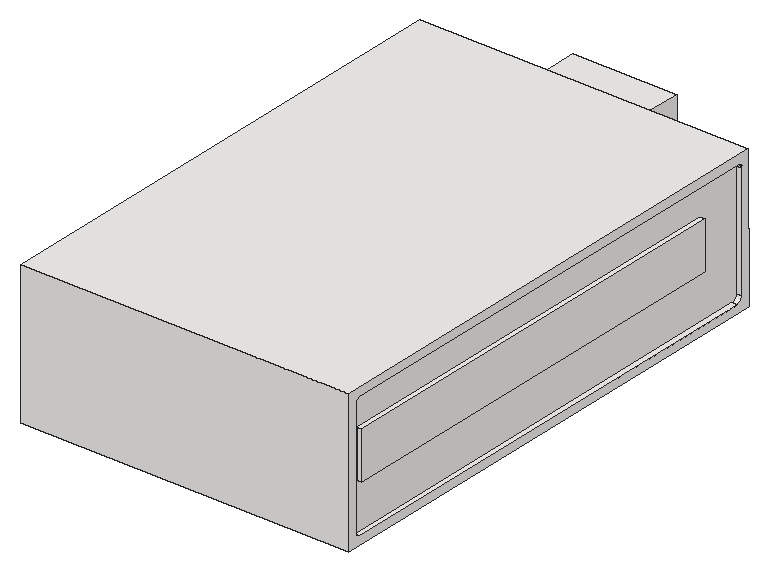
Revit family "Control_Unit-Lutron-Power_Over_Ethernet-Q-POE-8", category Lighting Devices, host Face, Revit 2018
Family settings
  Host = Face
  Maintain Annotation Orientation = Yes
  Round Connector Dimension = Use Radius
  Part Type = Normal
  OmniClass Number = 23.85.80.11
  OmniClass Title = Building Controls
  Cut with Voids When Loaded = Yes
  Shared = No
  Room Calculation Point = No
Parameters (values of type "Q-POE-8")
  Warranty URL = "http://www.lutron.com/en-US/Service-Support/Pages/Service/Warranty/Warranty.aspx"
  Voltage = 24 V
  Void Inset = 0' - 0 3/32"  # constant formula
  Void Depth = 0' - 0 1/16"  # constant formula
  Video Link = "https://www.youtube.com/user/LutronElectronicsInc"
  Version = "2018 - v1.0a"  # constant formula
  Type Comments = ""
  Support Phone = "(224) 699-9545"  # constant formula
  Support Email = "mailto: support@anguleris.com"
  Product Page URL = "https://www.lutron.com/en-US/products/pages/wholebuildingsystems/athena/overview.aspx"
  Product Name = "Power Over Ethernet Switch"
  Product Documentation Link = "https://www.lutron.com/TechnicalDocumentLibrary/3691204.pdf"
  Ports Top Edge = 0' - 0 7/16"  # constant formula
  Ports Length = 0' - 4 7/8"  # constant formula
  Ports Left Edge = 0' - 0 3/16"  # constant formula
  Ports Bottom Edge = 0' - 0 5/8"  # constant formula
  Plug Top Edge = 0' - 0 3/32"  # constant formula
  Plug Right Edge = 0' - 1 7/32"  # constant formula
  Plug Left Edge = 0' - 1 87/256"  # constant formula
  Plug Height = 0' - 0 1/2"  # constant formula
  Plug Bottom Edge = 0' - 0 15/16"  # constant formula
  Performance URL = "http://www.lutron.com/en-US/Service-Support/Pages/Technical/PerfomanceSpecs.aspx?syst=Whole+Home+Systems&prodn=HomeWorks"
  Overall Width = 0' - 3 189/256"  # constant formula
  Overall Height = 0' - 6 23/128"  # constant formula
  Operating Voltage = "Input: 24 V- | Ethernet output: 48 V to 57 V-, 60 W total, 30 W max per output"
  URL = "http://www.lutron.com"
  Series = "Athena"
  Overall Depth = 0' - 1 39/64"  # constant formula
  Number of Poles = 1
  Model = "Q-POE-8"
  Minimum Operating Temperature = 32 °F
  Maximum Operating Temperature = 104 °F
  Material = ""
  Manufacturer Phone Number = "610-282-3800"  # constant formula
  Manufacturer Fax Number = "610-282-1243"  # constant formula
  Manufacturer Email = "mailto:support@lutron.com"
  Manufacturer Address = "7200 Suter Rd, Coopersburg, PA 18036"  # constant formula
  Manufacturer = "Lutron Electronics Co., Inc"  # constant formula
  Load Classification = Other
  Keynote = ""
  Instruction Sheet Link = "https://www.lutron.com/TechnicalDocumentLibrary/041812.pdf"
  Finish = Plastic - Lutron - White - Matte
  Description = "8 Port Power Over Ethernet Switch"
  Default Elevation = 4' - 0"
  Current = 0 A
  Cost Info = "mailto:sales@lutron.com"
  Cost = 0
  Copyright = "© 2020 Lutron Electronics Co., Inc."  # constant formula
  Assembly Code = "D5020200"
  Apparent Power = Voltage * Current  # 0 VA
Reference planes (in)
  plane 1 "Center (Front/Back)": y = 0
  plane 2: z = 0
  plane 3 "Center (Left/Right)": x = 0
  plane 4: x = -1.86914
  plane 5: x = 1.86914
  plane 6: y = 3.08984
  plane 7: y = -3.08984
  plane 8: z = 1.60937
  plane 9: x = -0.5293
  plane 10: x = 0.65039
  plane 11: y = 2.58984
  plane 12: z = 1.51562
  plane 13: z = 0.9375
  plane 14: y = -2.99609
  plane 15: y = 2.49609
  plane 16: z = 0.09375
  plane 17: x = 1.80664
  plane 18: y = -2.90234
  plane 19: z = 0.625
  plane 20: z = 1.17187
  plane 21: y = 1.97266
Forms (in)
  Extrusion 1, solid, material "Plastic - Lutron - White - Matte" <- "Finish"
    sketch origin (0, 0, 0) x (1, 0, 0) y (0, 1, 0)
      loop
        line (-1.86914, 2.58984) -> (-1.86914, -3.08984) -> (1.86914, -3.08984) -> (1.86914, 2.58984) -> (-1.86914, 2.58984)
    from 0 to 1.60937
  Extrusion 2, solid, material "Plastic - Lutron - White - Matte" <- "Finish"
    sketch origin (0, 0, 0) x (1, 0, 0) y (0, 1, 0)
      loop
        line (-0.5293, 3.08984) -> (-0.5293, 2.58984) -> (0.65039, 2.58984) -> (0.65039, 3.08984) -> (-0.5293, 3.08984)
    from 0.9375 to 1.51563
  Extrusion 3, void
    sketch origin (1.76953, 0, 0) x (0, -1, 0) y (0, 0, 1)
      loop
        line (2.93359, 1.51562) -> (-2.43359, 1.51562)
        arc (-2.43359, 1.51562) -> (-2.47779, 1.49732) -> (-2.49609, 1.45312) r 0.0625
        line (-2.49609, 1.45312) -> (-2.49609, 0.15625)
        arc (-2.49609, 0.15625) -> (-2.47779, 0.11206) -> (-2.43359, 0.09375) r 0.0625
        line (-2.43359, 0.09375) -> (2.93359, 0.09375)
        arc (2.93359, 0.09375) -> (2.97779, 0.11206) -> (2.99609, 0.15625) r 0.0625
        line (2.99609, 0.15625) -> (2.99609, 1.45312)
        arc (2.99609, 1.45312) -> (2.97779, 1.49732) -> (2.93359, 1.51562) r 0.0625
    from -0.49066 to -0.03711
  Extrusion 4, solid, material "Plastic - Lutron - White - Matte" <- "Finish"
    sketch origin (1.76953, 0.00974, -0.10955) x (0, -1, 0) y (0, 0, 1)
      loop
        line (2.91208, 1.28143) -> (-1.96292, 1.28143) -> (-1.96292, 0.73455) -> (2.91208, 0.73455) -> (2.91208, 1.28143)
    from -0.09961 to 1.11914
Cuts and joins
  Extrusion 3 cuts Extrusion 1
Lines and regions (in)
  Masking region 1
    outline origin (0, 0, 0) x (1, 0, 0) y (0, 1, 0)
      loop
        line (-1.86914, 2.58984) -> (-1.86914, -3.08984) -> (1.86914, -3.08984) -> (1.86914, 2.58984) -> (-1.86914, 2.58984)
  Masking region 2
    outline origin (0, 0, 0) x (1, 0, 0) y (0, 1, 0)
      loop
        line (-0.5293, 3.08984) -> (-0.5293, 2.58984) -> (0.65039, 2.58984) -> (0.65039, 3.08984) -> (-0.5293, 3.08984)
Dimensions and locks (in)
  locked: host sketch curve to plane 3 "Center (Left/Right)" at 48  (x12)
  locked: host sketch curve to plane 1 "Center (Front/Back)" at 48  (x12)
  "Overall Depth": plane 8 to plane 2
  equal spacing: plane 6, plane 1 "Center (Front/Back)", plane 7
  "Overall Height": plane 7 to plane 6
  equal spacing: plane 4, plane 3 "Center (Left/Right)", plane 5
  "Overall Width": plane 4 to plane 5
  "Plug Left Edge": plane 4 to plane 9
  "Plug Right Edge": plane 10 to plane 5
  "Plug Height": plane 6 to plane 11
  "Plug Bottom Edge": plane 13 to plane 2
  "Plug Top Edge": plane 8 to plane 12
  "Void Inset": plane 7 to plane 14
  "Void Inset": plane 15 to plane 11
  "Void Inset": plane 16 to level
  "Void Depth": plane 17 to plane 5
  "Ports Left Edge": plane 7 to plane 18
  "Ports Length": plane 18 to plane 21
  "Ports Top Edge": plane 20 to plane 8
  "Ports Bottom Edge": plane 19 to level
  aligned and locked: plane 2 to host face
  aligned and locked: level to host face
  aligned and locked: plane 5 to Extrusion 1 sketch curve
  aligned and locked: Extrusion 1 sketch curve to plane 7
  aligned and locked: plane 4 to Extrusion 1 sketch curve
  aligned and locked: plane 11 to Extrusion 1
  aligned and locked: Extrusion 2 sketch curve to plane 6
  aligned and locked: plane 9 to Extrusion 2 sketch curve
  aligned and locked: plane 10 to Extrusion 2 sketch curve
  aligned and locked: plane 11 to Extrusion 2 sketch curve
  aligned and locked: plane 12 to Extrusion 2
  aligned and locked: plane 13 to Extrusion 2
  aligned and locked: Extrusion 3 sketch curve to plane 16
  aligned and locked: plane 15 to Extrusion 3 sketch curve
  aligned and locked: Extrusion 3 sketch curve to plane 12
  aligned and locked: plane 14 to Extrusion 3 sketch curve
  aligned and locked: Extrusion 3 to plane 17
  aligned and locked: plane 20 to Extrusion 4
  aligned and locked: Extrusion 4 to plane 18
  aligned and locked: Extrusion 4 to plane 19
  aligned and locked: plane 21 to Extrusion 4
  aligned and locked: Extrusion 4 to plane 5
  aligned and locked: plane 10 to Extrusion 4
Automatic sketch dimensions
  Extrusion 1 sketch curve to plane 6 = 0' - 0 1/2"
  Extrusion 3 sketch curve to plane 15 = 0' - 0 1/16"  (x2)
  plane 14 to Extrusion 3 sketch curve = 0' - 0 1/16"  (x2)
  Extrusion 4 sketch curve to plane 13 = 0' - 0 15/64"
  Extrusion 4 sketch curve to plane 15 = 0' - 0 67/128"
  plane 14 to Extrusion 4 sketch curve = 0' - 0 3/32"
  plane 13 to Extrusion 4 sketch curve = 0' - 0 5/16"
  Masking region 1 sketch curve to plane 4 = 0' - 0"
  Masking region 1 sketch curve to plane 5 = 0' - 0"
  plane 7 to Masking region 1 sketch curve = 0' - 0"
  Masking region 1 sketch curve to plane 11 = 0' - 0"
  Masking region 2 sketch curve to plane 9 = 0' - 0"
  Masking region 2 sketch curve to plane 10 = 0' - 0"
  Masking region 2 sketch curve to plane 11 = 0' - 0"
  Masking region 2 sketch curve to plane 6 = 0' - 0"
Connectors (in)
  electrical at (1.86914, -0.46484, 0.89844)
    settings: on Extrusion 4, index 1, voltage 0 V, apparent load 0 VA, apparent load phase1 0 VA, apparent load phase2 0 VA, apparent load phase3 0 VA, power factor 1, load classification "Other", number of poles 1, system type 5, power factor state 1, is connector primary yes, connector utility no, sub classification motor no, connector description "POE"
